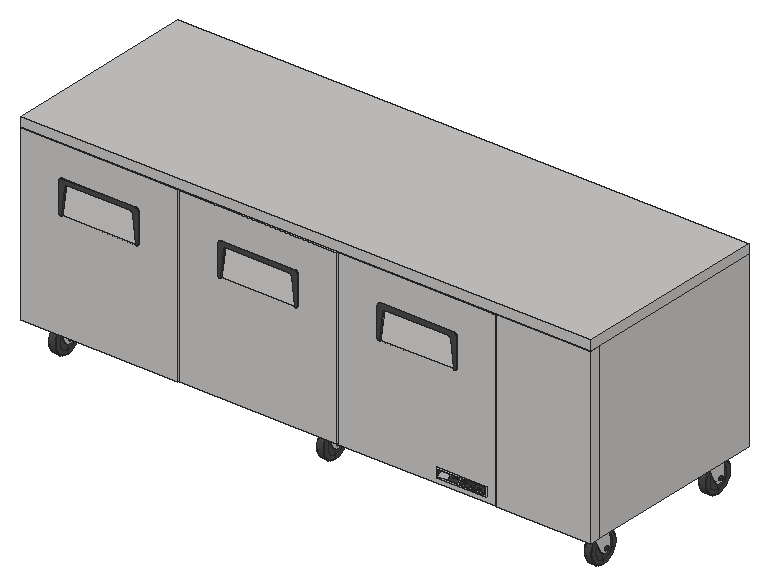
Revit family "QF_TRUE_TUC-93-HC", category Specialty Equipment, Revit 2016
Family settings
  Part Type = Normal
  Round Connector Dimension = Use Diameter
  Work Plane-Based = No
  Always vertical = Yes
  Cut with Voids When Loaded = No
  Shared = Yes
  Room Calculation Point = No
Parameters
  Weight in Pounds = 510
  Watts = FL Amps * Volts  # 253 W
  Volts = 115 V
  URL Manufacturer = "www.truemfg.com"
  URL Cutsheet = "www.truemfg.com"
  URL = "www.truemfg.com"
  Type Mark [instance] = ""
  Status [instance] = ""
  Specification by User [instance] = ""
  Specification by Manufacturer = ""
  Show Seismic Flanged [instance] = no
  Show Logo [instance] = yes
  Show Legs [instance] = no
  Show Clearance [instance] = yes
  Show Casters [instance] = and(not(Show Seismic Flanged), not(Show 2.5 Inches Castors), not(Show Legs))  # yes
  Show 2.5 Inches Castors [instance] = no
  Serial Number = ""
  Seismic Rating = ""
  Seismic Plate [instance] = and(Show Seismic Flanged, not(Show Casters))  # no
  SMACNA No = ""
  Revision Code [instance] = ""
  Phase = 1
  Omniclass Number and Title = ""
  Number of Poles [instance] = 1
  NAFEM Spec ID Number = ""
  Model = "TUC-93-HC"
  Min Ckt Ampacity = 0 A
  Max Overcurrent Protection = 0 A
  MasterSpec. = ""
  Manufacturer = "TRUE"
  Length = 93 1/4"
  Legs [instance] = or(Show Legs, Show Seismic Flanged)  # no
  Item Number [instance] = ""
  Installed By [instance] = ""
  Identify Quantity as Lot [instance] = yes
  Height [instance] = 35 15/16"
  HP = "1/5"
  Furnished By [instance] = ""
  Foodservice Equipment Identifier [instance] = yes
  FL Amps = 2.2 A
  Electrical Remarks [instance] = ""
  Electric Connection Type [instance] = ""
  Elec Conn RI Height [instance] = 0"
  Elec Conn Connection Height [instance] = 0"
  Description = "SOLID DOOR REFRIGERATOR WITH HYDRO CARBON REFRIGERANT"
  Depth = 32 3/16"
  Cycle = 60 Hz
  Conn Plug = "NEMA 5-15P"
  Conn Conduit = yes
  CSI MasterFormat = ""
  CSI Master Format = ""
  Body Finish = QF_Metal-Stainless-Polished
  Base Height [instance] = if(Show 2.5 Inches Castors, 4 1/4", if(Show Casters, 6 3/16", if(Legs, 6", 4 1/4")))  # 6 3/16"
  Apparent Power = if(Phase = 3, Volts * FL Amps * 1.73, Volts * FL Amps)  # 253 VA
Reference planes (in)
  plane 1 "BACK": y = -16.5
  plane 2: z = 0
  plane 3 "LEFT": x = 0
  plane 4 "RIGHT": x = 93.25
  plane 5 "FRONT": y = -49.6875
  plane 6 "TOP": z = 35.9375
  plane 7: z = 6.1875
  plane 8: x = 2.84375
  plane 9: x = 46.625
  plane 10: x = 90.40625
  plane 11: y = -17.5
  plane 12: y = -45.12781
  plane 13: y = -51.5
Lines and regions (in)
  symbolic lines, style "SpecialityEquipmentHiddenLines", visible <- "Show Casters"
    curve 1: line (1.05276, -22.68104, 0) -> (2.13882, -23.30808, 0)
    curve 2: line (3.55276, -18.35092, 0) -> (1.05276, -22.68104, 0)
    curve 3: line (4.63882, -18.97795, 0) -> (3.55276, -18.35092, 0)
    curve 4: line (2.13882, -23.30808, 0) -> (4.63882, -18.97795, 0)
    curve 5: line (44.83401, -22.68104, 0) -> (45.92007, -23.30808, 0)
    curve 6: line (47.33401, -18.35092, 0) -> (44.83401, -22.68104, 0)
    curve 7: line (48.42007, -18.97795, 0) -> (47.33401, -18.35092, 0)
    curve 8: line (45.92007, -23.30808, 0) -> (48.42007, -18.97795, 0)
    curve 9: line (88.61526, -22.68104, 0) -> (89.70132, -23.30808, 0)
    curve 10: line (91.11526, -18.35092, 0) -> (88.61526, -22.68104, 0)
    curve 11: line (92.20132, -18.97795, 0) -> (91.11526, -18.35092, 0)
    curve 12: line (89.70132, -23.30808, 0) -> (92.20132, -18.97795, 0)
    curve 13: line (1.05276, -46.07521, 0) -> (2.13882, -46.70225, 0)
    curve 14: line (3.55276, -41.74508, 0) -> (1.05276, -46.07521, 0)
    curve 15: line (4.63882, -42.37212, 0) -> (3.55276, -41.74508, 0)
    curve 16: line (2.13882, -46.70225, 0) -> (4.63882, -42.37212, 0)
    curve 17: line (44.83401, -46.07521, 0) -> (45.92007, -46.70225, 0)
    curve 18: line (47.33401, -41.74508, 0) -> (44.83401, -46.07521, 0)
    curve 19: line (48.42007, -42.37212, 0) -> (47.33401, -41.74508, 0)
    curve 20: line (45.92007, -46.70225, 0) -> (48.42007, -42.37212, 0)
    curve 21: line (88.61526, -46.07521, 0) -> (89.70132, -46.70225, 0)
    curve 22: line (91.11526, -41.74508, 0) -> (88.61526, -46.07521, 0)
    curve 23: line (92.20132, -42.37212, 0) -> (91.11526, -41.74508, 0)
    curve 24: line (89.70132, -46.70225, 0) -> (92.20132, -42.37212, 0)
Dimensions and locks (in)
  plane 5 "FRONT" to plane 1 "BACK" = 33 3/16"  (x2)
  "Base Height": plane 7 to level
  "Height": plane 6 "TOP" to level
  plane 4 "RIGHT" to plane 3 "LEFT" = 93 1/4"
  plane 5 "FRONT" to nested 1 to plane 1 "BACK" = 32 3/16", 1"
  nested 1 to nested 1 = 25 1/8"
  nested 1 to plane 1 "BACK" = 58 3/8"
  plane 7 to level = 6 3/16"
  plane 6 "TOP" to plane 7 = 29 3/4"
  plane 5 "FRONT" to plane 13 = 1 13/16"
  "Depth": plane 5 "FRONT" to plane 11
  "Length": plane 3 "LEFT" to plane 4 "RIGHT"
  aligned and locked: level to plane 2
  aligned and locked: plane 1 "BACK" to nested 1
  aligned and locked: plane 3 "LEFT" to nested 1
  aligned and locked: plane 4 "RIGHT" to nested 1
  aligned and locked: nested 1 to plane 7
Automatic sketch dimensions
  plane 3 "LEFT" to curve 1 = 1.05276"
  plane 3 "LEFT" to curve 14 = 1.05276"
  curve 1 to curve 1 = 1.08606"
  curve 14 to curve 13 = 1.08606"
  plane 3 "LEFT" to curve 3 = 3.55276"
  plane 3 "LEFT" to curve 14 = 3.55276"
  curve 17 to plane 5 "FRONT" = 3.61229"
  curve 16 to curve 17 = 40.19519"
  plane 1 "BACK" to curve 5 = 6.18104"
  curve 5 to curve 17 = 0"
  curve 20 to plane 5 "FRONT" = 2.98525"
  curve 18 to curve 20 = 1.08606"
  plane 1 "BACK" to curve 8 = 6.80808"
  curve 5 to curve 8 = 1.08606"
  plane 1 "BACK" to curve 6 = 1.85092"
  curve 19 to plane 5 "FRONT" = 7.94242"
  curve 22 to plane 4 "RIGHT" = 4.63474"
  curve 10 to plane 4 "RIGHT" = 4.63474"
  curve 22 to curve 21 = 1.08606"
  curve 9 to curve 12 = 1.08606"
  curve 22 to plane 4 "RIGHT" = 2.13474"
  curve 11 to plane 4 "RIGHT" = 2.13474"
  curve 24 to plane 5 "FRONT" = 2.98525"
  curve 13 to plane 5 "FRONT" = 2.98525"
  curve 13 to curve 14 = 0.62704"
  curve 21 to curve 21 = 0.62704"
  plane 1 "BACK" to curve 9 = 6.80808"
  plane 1 "BACK" to curve 4 = 6.80808"
  curve 9 to curve 9 = 0.62704"
  curve 1 to curve 2 = 0.62704"
Nested families (in)
  nested 1: "TUC-93-HC" at (0, 0, -0.0625), Show Logo <- "Show Logo", Show Clearance <- "Show Clearance", Show Casters <- "Show Casters", type "TUC-93-HC"
    with Show Logo yes, Show Clearance yes, Show Casters yes
  nested 2: "CASTERS & LEGS" at (2.84375, -21.74082, 0), Legs <- "Legs", Seismic Plate <- "Seismic Plate", Show 4" Casters <- "Show 2.5 Inches Castors", type "CASTERS & LEGS"
    with Type Mark "", Status "", Specification by User "", Show 4" Casters no, Show 2 1/2" Casters yes, Seismic Plate no, Revision Code "", Legs no, Item Number "", Installed By "", Identify Quantity as Lot yes, Furnished By "", Foodservice Equipment Identifier yes
  nested 3: "CASTERS & LEGS" at (2.84375, -45.12781, 0), Legs <- "Legs", Seismic Plate <- "Seismic Plate", Show 4" Casters <- "Show 2.5 Inches Castors", type "CASTERS & LEGS"
    with Type Mark "", Status "", Specification by User "", Show 4" Casters no, Show 2 1/2" Casters yes, Seismic Plate no, Revision Code "", Legs no, Item Number "", Installed By "", Identify Quantity as Lot yes, Furnished By "", Foodservice Equipment Identifier yes
  nested 4: "CASTERS & LEGS" at (46.625, -21.74082, 0), Legs <- "Legs", Seismic Plate <- "Seismic Plate", Show 4" Casters <- "Show 2.5 Inches Castors", type "CASTERS & LEGS"
    with Type Mark "", Status "", Specification by User "", Show 4" Casters no, Show 2 1/2" Casters yes, Seismic Plate no, Revision Code "", Legs no, Item Number "", Installed By "", Identify Quantity as Lot yes, Furnished By "", Foodservice Equipment Identifier yes
  nested 5: "CASTERS & LEGS" at (46.625, -45.12781, 0), Legs <- "Legs", Seismic Plate <- "Seismic Plate", Show 4" Casters <- "Show 2.5 Inches Castors", type "CASTERS & LEGS"
    with Type Mark "", Status "", Specification by User "", Show 4" Casters no, Show 2 1/2" Casters yes, Seismic Plate no, Revision Code "", Legs no, Item Number "", Installed By "", Identify Quantity as Lot yes, Furnished By "", Foodservice Equipment Identifier yes
  nested 6: "CASTERS & LEGS" at (90.40625, -21.74082, 0), Legs <- "Legs", Seismic Plate <- "Seismic Plate", Show 4" Casters <- "Show 2.5 Inches Castors", type "CASTERS & LEGS"
    with Type Mark "", Status "", Specification by User "", Show 4" Casters no, Show 2 1/2" Casters yes, Seismic Plate no, Revision Code "", Legs no, Item Number "", Installed By "", Identify Quantity as Lot yes, Furnished By "", Foodservice Equipment Identifier yes
  nested 7: "CASTERS & LEGS" at (90.40625, -45.12781, 0), Legs <- "Legs", Seismic Plate <- "Seismic Plate", Show 4" Casters <- "Show 2.5 Inches Castors", type "CASTERS & LEGS"
    with Type Mark "", Status "", Specification by User "", Show 4" Casters no, Show 2 1/2" Casters yes, Seismic Plate no, Revision Code "", Legs no, Item Number "", Installed By "", Identify Quantity as Lot yes, Furnished By "", Foodservice Equipment Identifier yes
Connectors (in)
  electrical at (89.81571, -17.5625, 11.9375), driven by "Volts", driven by "Watts"
    settings: on nested 1, index 1, voltage 115 V, apparent load 253 VA, apparent load phase1 0 VA, apparent load phase2 0 VA, apparent load phase3 0 VA, power factor 1, load classification "Other", number of poles 1, system type 30, power factor state 1, is connector primary yes, connector utility no, sub classification motor no, connector description "ELECTRICAL CONNECTION"
Definition of nested family "TUC-93-HC"
  Parameters (values of type "True_TUC-93")
    URL = ""
    Show Logo [instance] = yes
    Show Clearance [instance] = yes
    Show Casters [instance] = yes
    Model = ""
    Manufacturer = ""
    Description = ""
    Assembly Code = ""
  Reference planes (in)
    plane 1 "BACK": y = -16.5
    plane 2: z = 0
    plane 3 "LEFT": x = 0
    plane 4 "RIGHT": x = 93.25
    plane 5 "FRONT": y = -49.75
    plane 6 "TOP": z = 36
    plane 7: y = -74.875
    plane 8: z = 6.25
    plane 9: y = -51.5
    plane 10: z = 29.38
    plane 11: z = 23.90093
    plane 12: x = 68.0875
    plane 13: x = 12.875
    plane 14: x = 38.875
    plane 15: x = 64.875
    plane 16: z = 29.38
    plane 17: z = 23.90093
    plane 18: z = 29.38
    plane 19: z = 23.90093
    plane 20: y = -17.5
    plane 21: y = -49.6875
  Forms (in)
    Extrusion 1, solid
      sketch origin (0, -1, 0) x (0, 1, 0) y (0, 0, 1)
        loop
          line (-48.6875, 36) -> (-48.6875, 34.5) -> (-16.5, 34.5) -> (-16.5, 36) -> (-48.6875, 36)
      from 0 to 93.25
    Extrusion 2, solid
      sketch origin (0, -1, 0) x (0, 1, 0) y (0, 0, 1)
        loop
          line (-46.8125, 34.5) -> (-46.8125, 6.25) -> (-16.5, 6.25) -> (-16.5, 34.5) -> (-46.8125, 34.5)
      from 0 to 93.25
    Extrusion 3, solid
      sketch origin (0, -16.6925, 0) x (1, 0, 0) y (0, 0, 1)
        loop
          line (25.75, 6.25) -> (25.75, 34.28323) -> (0, 34.28323) -> (0, 6.25) -> (25.75, 6.25)
        loop
          line (93.25, 6.25) -> (93.25, 34.28323) -> (77.9375, 34.28323) -> (77.9375, 6.25) -> (93.25, 6.25)
        loop
          line (51.75, 6.25) -> (51.75, 34.28323) -> (26, 34.28323) -> (26, 6.25) -> (51.75, 6.25)
        loop
          line (52, 34.28323) -> (52, 6.25) -> (77.75, 6.25) -> (77.75, 34.28323) -> (52, 34.28323)
      from 31.44201 to 33
    Extrusion 4, solid
      sketch origin (1.125, -0.4425, 0) x (0, 1, 0) y (0, 0, 1)
        loop
          line (-47.69201, 33.8406) -> (-47.69201, 6.6875) -> (-47.37, 6.6875) -> (-47.37, 33.8406) -> (-47.69201, 33.8406)
      from -0.625 to 24.125
    Extrusion 5, solid
      sketch origin (64.6875, -16.5, 0) x (1, 0, 0) y (0, 0, 1)
        loop
          line (7.5625, 6.25) -> (7.5625, 3.5625) -> (20.3125, 3.5625) -> (20.3125, 6.25) -> (7.5625, 6.25)
      from 1.69409 to 21.69409
    Extrusion 6, solid
      sketch origin (64.57454, -16.5, -9.83802) x (1, 0, 0) y (0, 0, 1)
        loop
          circle (22.96499, 40.7598) r 0.46875
      from 0 to 1
    Extrusion 7, solid
      sketch origin (28.67546, -16.5, -9.83802) x (-1, 0, 0) y (0, 0, -1)
        loop
          circle (22.96499, -40.7598) r 0.46875
      from 0 to 1
    Extrusion 8, solid
      sketch origin (64.52196, -17.5, 0) x (1, 0, 0) y (0, 0, 1)
        loop
          circle (25.29375, 12) r 0.25
      from 0 to 0.0625
    Extrusion 9, solid, visible <- "Show Casters"
      sketch origin (0.84375, -42.86469, 1.18891) x (0, 1, 0) y (0, 0, 1)
        loop
          line (-3.9827, 4.36074) -> (-3.9827, 3.75589) -> (-3.6077, 3.75589) -> (-2.25253, 1.15484)
          arc (-2.25253, 1.15484) -> (-1.35455, 0.51289) -> (-0.45657, 1.15484) r 0.94903
          line (-0.45657, 1.15484) -> (-0.54355, 4.36074) -> (-3.9827, 4.36074)
      from 1.175 to 1.325
    Revolve 10, solid, visible <- "Show Casters"
      sketch origin (0.84375, -45.12781, 0.68891) x (1, 0, 0) y (0, 0, 1)
        loop
          line (2, 4.86074) -> (2, 5.56109) -> (0.60918, 5.56109) -> (0.60918, 4.86074) -> (2, 4.86074)
        axis (2, 4.86074) -> (2, 5.56109)
      angle from 0 to 360
    Extrusion 11, solid, visible <- "Show Casters"
      sketch origin (-46.9375, -42.86469, 1.18891) x (0, 1, 0) y (0, 0, 1)
        loop
          line (-3.9827, 4.36074) -> (-3.9827, 3.75589) -> (-3.6077, 3.75589) -> (-0.53736, 4.13288) -> (-0.54355, 4.36074) -> (-3.9827, 4.36074)
      from 49.10625 to 50.45625
    Revolve 12, solid, visible <- "Show Casters"
      sketch origin (0.84375, -44.21649, 1) x (1, 0, 0) y (0, 0, 1)
        loop
          line (1.475, 4) -> (1.375, 3.9) -> (1.375, 3.29941) -> (1.53601, 3.29941) -> (1.53601, 2.04941) -> (1.375, 2.04941) -> (1.375, 1.79941) -> (0.975, 1.79941) -> (0.975, 1.5) -> (3.025, 1.5) -> (3.025, 1.79941) -> (2.62908, 1.79941) -> (2.62908, 2.04941) -> (2.46399, 2.04941) -> (2.46399, 3.29941) -> (2.62908, 3.29941) -> (2.62908, 3.89592) -> (2.525, 4) -> (1.475, 4)
        axis (3.025, 1.5) -> (0.975, 1.5)
      angle from 0 to 360
    Extrusion 13, solid, visible <- "Show Casters"
      sketch origin (4.84375, -42.86469, 1.18891) x (0, 1, 0) y (0, 0, -1)
        loop
          line (-3.9827, -3.75589) -> (-3.9827, -4.36074) -> (-0.54355, -4.36074) -> (-0.45657, -1.15484)
          arc (-0.45657, -1.15484) -> (-1.35455, -0.51289) -> (-2.25253, -1.15484) r 0.94903
          line (-2.25253, -1.15484) -> (-3.6077, -3.75589) -> (-3.9827, -3.75589)
      from 1.175 to 1.325
    Extrusion 14, solid, visible <- "Show Casters"
      sketch origin (0.84375, -19.47769, 1.18891) x (0, 1, 0) y (0, 0, 1)
        loop
          line (-3.9827, 4.36074) -> (-3.9827, 3.75589) -> (-3.6077, 3.75589) -> (-2.25253, 1.15484)
          arc (-2.25253, 1.15484) -> (-1.35455, 0.51289) -> (-0.45657, 1.15484) r 0.94903
          line (-0.45657, 1.15484) -> (-0.54355, 4.36074) -> (-3.9827, 4.36074)
      from 1.175 to 1.325
    Revolve 15, solid, visible <- "Show Casters"
      sketch origin (0.84375, -21.74082, 0.68891) x (1, 0, 0) y (0, 0, 1)
        loop
          line (2, 4.86074) -> (2, 5.56109) -> (0.60918, 5.56109) -> (0.60918, 4.86074) -> (2, 4.86074)
        axis (2, 4.86074) -> (2, 5.56109)
      angle from 0 to 360
    Extrusion 16, solid, visible <- "Show Casters"
      sketch origin (-46.9375, -19.47769, 1.18891) x (0, 1, 0) y (0, 0, 1)
        loop
          line (-3.9827, 4.36074) -> (-3.9827, 3.75589) -> (-3.6077, 3.75589) -> (-0.53736, 4.13288) -> (-0.54355, 4.36074) -> (-3.9827, 4.36074)
      from 49.10625 to 50.45625
    Revolve 17, solid, visible <- "Show Casters"
      sketch origin (0.84375, -20.8295, 1) x (1, 0, 0) y (0, 0, 1)
        loop
          line (1.475, 4) -> (1.375, 3.9) -> (1.375, 3.29941) -> (1.53601, 3.29941) -> (1.53601, 2.04941) -> (1.375, 2.04941) -> (1.375, 1.79941) -> (0.975, 1.79941) -> (0.975, 1.5) -> (3.025, 1.5) -> (3.025, 1.79941) -> (2.62908, 1.79941) -> (2.62908, 2.04941) -> (2.46399, 2.04941) -> (2.46399, 3.29941) -> (2.62908, 3.29941) -> (2.62908, 3.89592) -> (2.525, 4) -> (1.475, 4)
        axis (3.025, 1.5) -> (0.975, 1.5)
      angle from 0 to 360
    Extrusion 18, solid, visible <- "Show Casters"
      sketch origin (4.84375, -19.47769, 1.18891) x (0, 1, 0) y (0, 0, -1)
        loop
          line (-3.9827, -3.75589) -> (-3.9827, -4.36074) -> (-0.54355, -4.36074) -> (-0.45657, -1.15484)
          arc (-0.45657, -1.15484) -> (-1.35455, -0.51289) -> (-2.25253, -1.15484) r 0.94903
          line (-2.25253, -1.15484) -> (-3.6077, -3.75589) -> (-3.9827, -3.75589)
      from 1.175 to 1.325
    Extrusion 19, solid, visible <- "Show Casters"
      sketch origin (92.40625, -42.86469, 1.18891) x (0, 1, 0) y (0, 0, -1)
        loop
          line (-3.9827, -4.36074) -> (-0.54355, -4.36074) -> (-0.45657, -1.15484)
          arc (-0.45657, -1.15484) -> (-1.35455, -0.51289) -> (-2.25253, -1.15484) r 0.94903
          line (-2.25253, -1.15484) -> (-3.6077, -3.75589) -> (-3.9827, -3.75589) -> (-3.9827, -4.36074)
      from 1.175 to 1.325
    Revolve 20, solid, visible <- "Show Casters"
      sketch origin (92.40625, -45.12781, 0.68891) x (-1, 0, 0) y (0, 0, -1)
        loop
          line (2, -4.86074) -> (0.60918, -4.86074) -> (0.60918, -5.56109) -> (2, -5.56109) -> (2, -4.86074)
        axis (2, -4.86074) -> (2, -5.56109)
      angle from 0 to 360
    Extrusion 21, solid, visible <- "Show Casters"
      sketch origin (140.1875, -42.86469, 1.18891) x (0, 1, 0) y (0, 0, -1)
        loop
          line (-3.9827, -4.36074) -> (-0.54355, -4.36074) -> (-0.53736, -4.13288) -> (-3.6077, -3.75589) -> (-3.9827, -3.75589) -> (-3.9827, -4.36074)
      from 49.10625 to 50.45625
    Revolve 22, solid, visible <- "Show Casters"
      sketch origin (92.40625, -44.21649, 1) x (-1, 0, 0) y (0, 0, -1)
        loop
          line (1.475, -4) -> (2.525, -4) -> (2.62908, -3.89592) -> (2.62908, -3.29941) -> (2.46399, -3.29941) -> (2.46399, -2.04941) -> (2.62908, -2.04941) -> (2.62908, -1.79941) -> (3.025, -1.79941) -> (3.025, -1.5) -> (0.975, -1.5) -> (0.975, -1.79941) -> (1.375, -1.79941) -> (1.375, -2.04941) -> (1.53601, -2.04941) -> (1.53601, -3.29941) -> (1.375, -3.29941) -> (1.375, -3.9) -> (1.475, -4)
        axis (3.025, -1.5) -> (0.975, -1.5)
      angle from 0 to 360
    Extrusion 23, solid, visible <- "Show Casters"
      sketch origin (88.40625, -42.86469, 1.18891) x (0, 1, 0) y (0, 0, 1)
        loop
          line (-3.9827, 3.75589) -> (-3.6077, 3.75589) -> (-2.25253, 1.15484)
          arc (-2.25253, 1.15484) -> (-1.35455, 0.51289) -> (-0.45657, 1.15484) r 0.94903
          line (-0.45657, 1.15484) -> (-0.54355, 4.36074) -> (-3.9827, 4.36074) -> (-3.9827, 3.75589)
      from 1.175 to 1.325
    Extrusion 24, solid, visible <- "Show Casters"
      sketch origin (92.40625, -19.47769, 1.18891) x (0, 1, 0) y (0, 0, -1)
        loop
          line (-3.9827, -4.36074) -> (-0.54355, -4.36074) -> (-0.45657, -1.15484)
          arc (-0.45657, -1.15484) -> (-1.35455, -0.51289) -> (-2.25253, -1.15484) r 0.94903
          line (-2.25253, -1.15484) -> (-3.6077, -3.75589) -> (-3.9827, -3.75589) -> (-3.9827, -4.36074)
      from 1.175 to 1.325
    Revolve 25, solid, visible <- "Show Casters"
      sketch origin (92.40625, -21.74082, 0.68891) x (-1, 0, 0) y (0, 0, -1)
        loop
          line (2, -4.86074) -> (0.60918, -4.86074) -> (0.60918, -5.56109) -> (2, -5.56109) -> (2, -4.86074)
        axis (2, -4.86074) -> (2, -5.56109)
      angle from 0 to 360
    Extrusion 26, solid, visible <- "Show Casters"
      sketch origin (140.1875, -19.47769, 1.18891) x (0, 1, 0) y (0, 0, -1)
        loop
          line (-3.9827, -4.36074) -> (-0.54355, -4.36074) -> (-0.53736, -4.13288) -> (-3.6077, -3.75589) -> (-3.9827, -3.75589) -> (-3.9827, -4.36074)
      from 49.10625 to 50.45625
    Revolve 27, solid, visible <- "Show Casters"
      sketch origin (92.40625, -20.8295, 1) x (-1, 0, 0) y (0, 0, -1)
        loop
          line (1.475, -4) -> (2.525, -4) -> (2.62908, -3.89592) -> (2.62908, -3.29941) -> (2.46399, -3.29941) -> (2.46399, -2.04941) -> (2.62908, -2.04941) -> (2.62908, -1.79941) -> (3.025, -1.79941) -> (3.025, -1.5) -> (0.975, -1.5) -> (0.975, -1.79941) -> (1.375, -1.79941) -> (1.375, -2.04941) -> (1.53601, -2.04941) -> (1.53601, -3.29941) -> (1.375, -3.29941) -> (1.375, -3.9) -> (1.475, -4)
        axis (3.025, -1.5) -> (0.975, -1.5)
      angle from 0 to 360
    Extrusion 28, solid, visible <- "Show Casters"
      sketch origin (88.40625, -19.47769, 1.18891) x (0, 1, 0) y (0, 0, 1)
        loop
          line (-3.9827, 3.75589) -> (-3.6077, 3.75589) -> (-2.25253, 1.15484)
          arc (-2.25253, 1.15484) -> (-1.35455, 0.51289) -> (-0.45657, 1.15484) r 0.94903
          line (-0.45657, 1.15484) -> (-0.54355, 4.36074) -> (-3.9827, 4.36074) -> (-3.9827, 3.75589)
      from 1.175 to 1.325
    Extrusion 29, solid, visible <- "Show Casters"
      sketch origin (44.625, -42.86469, 1.18891) x (0, 1, 0) y (0, 0, 1)
        loop
          line (-3.9827, 4.36074) -> (-3.9827, 3.75589) -> (-3.6077, 3.75589) -> (-2.25253, 1.15484)
          arc (-2.25253, 1.15484) -> (-1.35455, 0.51289) -> (-0.45657, 1.15484) r 0.94903
          line (-0.45657, 1.15484) -> (-0.54355, 4.36074) -> (-3.9827, 4.36074)
      from 1.175 to 1.325
    Revolve 30, solid, visible <- "Show Casters"
      sketch origin (44.625, -45.12781, 0.68891) x (1, 0, 0) y (0, 0, 1)
        loop
          line (2, 4.86074) -> (2, 5.56109) -> (0.60918, 5.56109) -> (0.60918, 4.86074) -> (2, 4.86074)
        axis (2, 4.86074) -> (2, 5.56109)
      angle from 0 to 360
    Extrusion 31, solid, visible <- "Show Casters"
      sketch origin (-3.15625, -42.86469, 1.18891) x (0, 1, 0) y (0, 0, 1)
        loop
          line (-3.9827, 4.36074) -> (-3.9827, 3.75589) -> (-3.6077, 3.75589) -> (-0.53736, 4.13288) -> (-0.54355, 4.36074) -> (-3.9827, 4.36074)
      from 49.10625 to 50.45625
    Revolve 32, solid, visible <- "Show Casters"
      sketch origin (44.625, -44.21649, 1) x (1, 0, 0) y (0, 0, 1)
        loop
          line (1.475, 4) -> (1.375, 3.9) -> (1.375, 3.29941) -> (1.53601, 3.29941) -> (1.53601, 2.04941) -> (1.375, 2.04941) -> (1.375, 1.79941) -> (0.975, 1.79941) -> (0.975, 1.5) -> (3.025, 1.5) -> (3.025, 1.79941) -> (2.62908, 1.79941) -> (2.62908, 2.04941) -> (2.46399, 2.04941) -> (2.46399, 3.29941) -> (2.62908, 3.29941) -> (2.62908, 3.89592) -> (2.525, 4) -> (1.475, 4)
        axis (3.025, 1.5) -> (0.975, 1.5)
      angle from 0 to 360
    Extrusion 33, solid, visible <- "Show Casters"
      sketch origin (48.625, -42.86469, 1.18891) x (0, 1, 0) y (0, 0, -1)
        loop
          line (-3.9827, -3.75589) -> (-3.9827, -4.36074) -> (-0.54355, -4.36074) -> (-0.45657, -1.15484)
          arc (-0.45657, -1.15484) -> (-1.35455, -0.51289) -> (-2.25253, -1.15484) r 0.94903
          line (-2.25253, -1.15484) -> (-3.6077, -3.75589) -> (-3.9827, -3.75589)
      from 1.175 to 1.325
    Extrusion 34, solid, visible <- "Show Casters"
      sketch origin (44.625, -19.47769, 1.18891) x (0, 1, 0) y (0, 0, 1)
        loop
          line (-3.9827, 4.36074) -> (-3.9827, 3.75589) -> (-3.6077, 3.75589) -> (-2.25253, 1.15484)
          arc (-2.25253, 1.15484) -> (-1.35455, 0.51289) -> (-0.45657, 1.15484) r 0.94903
          line (-0.45657, 1.15484) -> (-0.54355, 4.36074) -> (-3.9827, 4.36074)
      from 1.175 to 1.325
    Revolve 35, solid, visible <- "Show Casters"
      sketch origin (44.625, -21.74082, 0.68891) x (1, 0, 0) y (0, 0, 1)
        loop
          line (2, 4.86074) -> (2, 5.56109) -> (0.60918, 5.56109) -> (0.60918, 4.86074) -> (2, 4.86074)
        axis (2, 4.86074) -> (2, 5.56109)
      angle from 0 to 360
    Extrusion 36, solid, visible <- "Show Casters"
      sketch origin (-3.15625, -19.47769, 1.18891) x (0, 1, 0) y (0, 0, 1)
        loop
          line (-3.9827, 4.36074) -> (-3.9827, 3.75589) -> (-3.6077, 3.75589) -> (-0.53736, 4.13288) -> (-0.54355, 4.36074) -> (-3.9827, 4.36074)
      from 49.10625 to 50.45625
    Revolve 37, solid, visible <- "Show Casters"
      sketch origin (44.625, -20.8295, 1) x (1, 0, 0) y (0, 0, 1)
        loop
          line (1.475, 4) -> (1.375, 3.9) -> (1.375, 3.29941) -> (1.53601, 3.29941) -> (1.53601, 2.04941) -> (1.375, 2.04941) -> (1.375, 1.79941) -> (0.975, 1.79941) -> (0.975, 1.5) -> (3.025, 1.5) -> (3.025, 1.79941) -> (2.62908, 1.79941) -> (2.62908, 2.04941) -> (2.46399, 2.04941) -> (2.46399, 3.29941) -> (2.62908, 3.29941) -> (2.62908, 3.89592) -> (2.525, 4) -> (1.475, 4)
        axis (3.025, 1.5) -> (0.975, 1.5)
      angle from 0 to 360
    Extrusion 38, solid, visible <- "Show Casters"
      sketch origin (48.625, -19.47769, 1.18891) x (0, 1, 0) y (0, 0, -1)
        loop
          line (-3.9827, -3.75589) -> (-3.9827, -4.36074) -> (-0.54355, -4.36074) -> (-0.45657, -1.15484)
          arc (-0.45657, -1.15484) -> (-1.35455, -0.51289) -> (-2.25253, -1.15484) r 0.94903
          line (-2.25253, -1.15484) -> (-3.6077, -3.75589) -> (-3.9827, -3.75589)
      from 1.175 to 1.325
    Extrusion 39, solid
      sketch origin (27.125, -0.4425, 0) x (0, 1, 0) y (0, 0, 1)
        loop
          line (-47.69201, 33.8406) -> (-47.69201, 6.6875) -> (-47.37, 6.6875) -> (-47.37, 33.8406) -> (-47.69201, 33.8406)
      from -0.625 to 24.125
    Extrusion 40, solid
      sketch origin (53.125, -0.4425, 0) x (0, 1, 0) y (0, 0, 1)
        loop
          line (-47.69201, 33.8406) -> (-47.69201, 6.6875) -> (-47.37, 6.6875) -> (-47.37, 33.8406) -> (-47.69201, 33.8406)
      from -0.625 to 24.125
    Extrusion 41, solid, visible <- "Show Clearance", detail levels coarse
      sketch origin (17.8682, -41.04389, 0) x (-1, 0, 0) y (0, -1, 0)
        loop
          line (-59.8818, 8.64861) -> (-34.1318, 8.64861)
          arc (-34.1318, 8.64861) -> (-41.48718, 26.8827) -> (-59.8818, 33.82685) r 24.48262
          line (-59.8818, 33.82685) -> (-59.8818, 8.64861)
        loop
          line (17.8682, 8.64861) -> (17.8682, 33.83111)
          arc (17.8682, 33.83111) -> (-0.30464, 26.65709) -> (-7.8818, 8.64861) r 25.18875
          line (-7.8818, 8.64861) -> (17.8682, 8.64861)
        loop
          arc (-8.1318, 33.83004) -> (-26.44933, 26.80474) -> (-33.8818, 8.64861) r 24.72204
          line (-33.8818, 8.64861) -> (-8.1318, 8.64861) -> (-8.1318, 33.83004)
      from 6.25 to 34.28323
    Extrusion 42, void
      sketch origin (12.875, -17.09959, 49.75) x (0, -1, 0) y (0, 0, 1)
        loop
          line (32.59291, -20.37) -> (31.52391, -20.37) -> (32.59291, -25.84907) -> (32.59291, -20.37)
      from -6 to 6
    Extrusion 43, solid
      sketch origin (0.875, -49.6925, 1.75) x (1, 0, 0) y (0, 0, 1)
        loop
          line (5.52833, 27.13) -> (5.52833, 22.36054)
          arc (5.52833, 22.36054) -> (5.74774, 22.11831) -> (6.01044, 22.31274) r 0.24342
          line (6.01044, 22.31274) -> (6.44945, 26.42717)
          arc (6.44945, 26.42717) -> (6.61215, 26.74648) -> (6.94671, 26.87491) r 0.5
          line (6.94671, 26.87491) -> (17.05329, 26.87491)
          arc (17.05329, 26.87491) -> (17.38785, 26.74648) -> (17.55055, 26.42717) r 0.5
          line (17.55055, 26.42717) -> (17.98956, 22.31274)
          arc (17.98956, 22.31274) -> (18.25226, 22.11831) -> (18.47166, 22.36054) r 0.24342
          line (18.47166, 22.36054) -> (18.47166, 27.13)
          arc (18.47166, 27.13) -> (18.32522, 27.48356) -> (17.97166, 27.63) r 0.5
          line (17.97166, 27.63) -> (6.02833, 27.63)
          arc (6.02833, 27.63) -> (5.67478, 27.48356) -> (5.52833, 27.13) r 0.5
      from 0 to 0.0625
    Extrusion 44, void
      sketch origin (38.875, -17.09959, 49.75) x (0, -1, 0) y (0, 0, 1)
        loop
          line (32.59291, -20.37) -> (31.52391, -20.37) -> (32.59291, -25.84907) -> (32.59291, -20.37)
      from -6 to 6
    Extrusion 45, solid
      sketch origin (26.875, -49.6925, 1.75) x (1, 0, 0) y (0, 0, 1)
        loop
          line (5.52833, 27.13) -> (5.52833, 22.36054)
          arc (5.52833, 22.36054) -> (5.74774, 22.11831) -> (6.01044, 22.31274) r 0.24342
          line (6.01044, 22.31274) -> (6.44945, 26.42717)
          arc (6.44945, 26.42717) -> (6.61215, 26.74648) -> (6.94671, 26.87491) r 0.5
          line (6.94671, 26.87491) -> (17.05329, 26.87491)
          arc (17.05329, 26.87491) -> (17.38785, 26.74648) -> (17.55055, 26.42717) r 0.5
          line (17.55055, 26.42717) -> (17.98956, 22.31274)
          arc (17.98956, 22.31274) -> (18.25226, 22.11831) -> (18.47166, 22.36054) r 0.24342
          line (18.47166, 22.36054) -> (18.47166, 27.13)
          arc (18.47166, 27.13) -> (18.32522, 27.48356) -> (17.97166, 27.63) r 0.5
          line (17.97166, 27.63) -> (6.02833, 27.63)
          arc (6.02833, 27.63) -> (5.67478, 27.48356) -> (5.52833, 27.13) r 0.5
      from 0 to 0.0625
    Extrusion 46, void
      sketch origin (64.875, -17.09959, 49.75) x (0, -1, 0) y (0, 0, 1)
        loop
          line (32.59291, -20.37) -> (31.52391, -20.37) -> (32.59291, -25.84907) -> (32.59291, -20.37)
      from -6 to 6
    Extrusion 47, solid
      sketch origin (52.875, -49.6925, 1.75) x (1, 0, 0) y (0, 0, 1)
        loop
          line (5.52833, 27.13) -> (5.52833, 22.36054)
          arc (5.52833, 22.36054) -> (5.74774, 22.11831) -> (6.01044, 22.31274) r 0.24342
          line (6.01044, 22.31274) -> (6.44945, 26.42717)
          arc (6.44945, 26.42717) -> (6.61215, 26.74648) -> (6.94671, 26.87491) r 0.5
          line (6.94671, 26.87491) -> (17.05329, 26.87491)
          arc (17.05329, 26.87491) -> (17.38785, 26.74648) -> (17.55055, 26.42717) r 0.5
          line (17.55055, 26.42717) -> (17.98956, 22.31274)
          arc (17.98956, 22.31274) -> (18.25226, 22.11831) -> (18.47166, 22.36054) r 0.24342
          line (18.47166, 22.36054) -> (18.47166, 27.13)
          arc (18.47166, 27.13) -> (18.32522, 27.48356) -> (17.97166, 27.63) r 0.5
          line (17.97166, 27.63) -> (6.02833, 27.63)
          arc (6.02833, 27.63) -> (5.67478, 27.48356) -> (5.52833, 27.13) r 0.5
      from 0 to 0.0625
  Cuts and joins
    Extrusion 44, Extrusion 46 cuts Extrusion 2
    Extrusion 42, Extrusion 44, Extrusion 46 cuts Extrusion 3
  Lines and regions (in)
    Split face 1
      outline origin (0, -49.6925, 0) x (1, 0, 0) y (0, 0, 1)
        loop
          line (82.07409, 14.47725) -> (82.07409, 13.72725) -> (82.82409, 13.72725) -> (82.82409, 14.47725) -> (82.07409, 14.47725)
    Split face 2
      outline origin (1.125, -49.6925, 0) x (1, 0, 0) y (0, 0, 1)
        loop
          line (82.07409, 14.47725) -> (82.07409, 13.72725) -> (82.82409, 13.72725) -> (82.82409, 14.47725) -> (82.07409, 14.47725)
    Split face 3
      outline origin (2.25, -49.6925, 0) x (1, 0, 0) y (0, 0, 1)
        loop
          line (82.07409, 14.47725) -> (82.07409, 13.72725) -> (82.82409, 13.72725) -> (82.82409, 14.47725) -> (82.07409, 14.47725)
    Split face 4
      outline origin (3.375, -49.6925, 0) x (1, 0, 0) y (0, 0, 1)
        loop
          line (82.07409, 14.47725) -> (82.07409, 13.72725) -> (82.82409, 13.72725) -> (82.82409, 14.47725) -> (82.07409, 14.47725)
    Split face 5
      outline origin (4.5, -49.6925, 0) x (1, 0, 0) y (0, 0, 1)
        loop
          line (82.07409, 14.47725) -> (82.07409, 13.72725) -> (82.82409, 13.72725) -> (82.82409, 14.47725) -> (82.07409, 14.47725)
    Split face 6
      outline origin (5.625, -49.6925, 0) x (1, 0, 0) y (0, 0, 1)
        loop
          line (82.07409, 14.47725) -> (82.07409, 13.72725) -> (82.82409, 13.72725) -> (82.82409, 14.47725) -> (82.07409, 14.47725)
    Split face 7
      outline origin (6.75, -49.6925, 0) x (1, 0, 0) y (0, 0, 1)
        loop
          line (82.07409, 14.47725) -> (82.07409, 13.72725) -> (82.82409, 13.72725) -> (82.82409, 14.47725) -> (82.07409, 14.47725)
    Split face 8
      outline origin (0, -49.6925, -1.5) x (1, 0, 0) y (0, 0, 1)
        loop
          line (82.07409, 14.47725) -> (82.07409, 13.72725) -> (82.82409, 13.72725) -> (82.82409, 14.47725) -> (82.07409, 14.47725)
    Split face 9
      outline origin (1.125, -49.6925, -1.5) x (1, 0, 0) y (0, 0, 1)
        loop
          line (82.07409, 14.47725) -> (82.07409, 13.72725) -> (82.82409, 13.72725) -> (82.82409, 14.47725) -> (82.07409, 14.47725)
    Split face 10
      outline origin (2.25, -49.6925, -1.5) x (1, 0, 0) y (0, 0, 1)
        loop
          line (82.07409, 14.47725) -> (82.07409, 13.72725) -> (82.82409, 13.72725) -> (82.82409, 14.47725) -> (82.07409, 14.47725)
    Split face 11
      outline origin (3.375, -49.6925, -1.5) x (1, 0, 0) y (0, 0, 1)
        loop
          line (82.07409, 14.47725) -> (82.07409, 13.72725) -> (82.82409, 13.72725) -> (82.82409, 14.47725) -> (82.07409, 14.47725)
    Split face 12
      outline origin (4.5, -49.6925, -1.5) x (1, 0, 0) y (0, 0, 1)
        loop
          line (82.07409, 14.47725) -> (82.07409, 13.72725) -> (82.82409, 13.72725) -> (82.82409, 14.47725) -> (82.07409, 14.47725)
    Split face 13
      outline origin (5.625, -49.6925, -1.5) x (1, 0, 0) y (0, 0, 1)
        loop
          line (82.07409, 14.47725) -> (82.07409, 13.72725) -> (82.82409, 13.72725) -> (82.82409, 14.47725) -> (82.07409, 14.47725)
    Split face 14
      outline origin (6.75, -49.6925, -1.5) x (1, 0, 0) y (0, 0, 1)
        loop
          line (82.07409, 14.47725) -> (82.07409, 13.72725) -> (82.82409, 13.72725) -> (82.82409, 14.47725) -> (82.07409, 14.47725)
    Split face 15
      outline origin (0, -49.6925, -3) x (1, 0, 0) y (0, 0, 1)
        loop
          line (82.07409, 14.47725) -> (82.07409, 13.72725) -> (82.82409, 13.72725) -> (82.82409, 14.47725) -> (82.07409, 14.47725)
    Split face 16
      outline origin (1.125, -49.6925, -3) x (1, 0, 0) y (0, 0, 1)
        loop
          line (82.07409, 14.47725) -> (82.07409, 13.72725) -> (82.82409, 13.72725) -> (82.82409, 14.47725) -> (82.07409, 14.47725)
    Split face 17
      outline origin (2.25, -49.6925, -3) x (1, 0, 0) y (0, 0, 1)
        loop
          line (82.07409, 14.47725) -> (82.07409, 13.72725) -> (82.82409, 13.72725) -> (82.82409, 14.47725) -> (82.07409, 14.47725)
    Split face 18
      outline origin (3.375, -49.6925, -3) x (1, 0, 0) y (0, 0, 1)
        loop
          line (82.07409, 14.47725) -> (82.07409, 13.72725) -> (82.82409, 13.72725) -> (82.82409, 14.47725) -> (82.07409, 14.47725)
    Split face 19
      outline origin (4.5, -49.6925, -3) x (1, 0, 0) y (0, 0, 1)
        loop
          line (82.07409, 14.47725) -> (82.07409, 13.72725) -> (82.82409, 13.72725) -> (82.82409, 14.47725) -> (82.07409, 14.47725)
    Split face 20
      outline origin (5.625, -49.6925, -3) x (1, 0, 0) y (0, 0, 1)
        loop
          line (82.07409, 14.47725) -> (82.07409, 13.72725) -> (82.82409, 13.72725) -> (82.82409, 14.47725) -> (82.07409, 14.47725)
    Split face 21
      outline origin (6.75, -49.6925, -3) x (1, 0, 0) y (0, 0, 1)
        loop
          line (82.07409, 14.47725) -> (82.07409, 13.72725) -> (82.82409, 13.72725) -> (82.82409, 14.47725) -> (82.07409, 14.47725)
    Split face 22
      outline origin (0, -49.6925, -4.5) x (1, 0, 0) y (0, 0, 1)
        loop
          line (82.07409, 14.47725) -> (82.07409, 13.72725) -> (82.82409, 13.72725) -> (82.82409, 14.47725) -> (82.07409, 14.47725)
    Split face 23
      outline origin (1.125, -49.6925, -4.5) x (1, 0, 0) y (0, 0, 1)
        loop
          line (82.07409, 14.47725) -> (82.07409, 13.72725) -> (82.82409, 13.72725) -> (82.82409, 14.47725) -> (82.07409, 14.47725)
    Split face 24
      outline origin (2.25, -49.6925, -4.5) x (1, 0, 0) y (0, 0, 1)
        loop
          line (82.07409, 14.47725) -> (82.07409, 13.72725) -> (82.82409, 13.72725) -> (82.82409, 14.47725) -> (82.07409, 14.47725)
    Split face 25
      outline origin (3.375, -49.6925, -4.5) x (1, 0, 0) y (0, 0, 1)
        loop
          line (82.07409, 14.47725) -> (82.07409, 13.72725) -> (82.82409, 13.72725) -> (82.82409, 14.47725) -> (82.07409, 14.47725)
    Split face 26
      outline origin (4.5, -49.6925, -4.5) x (1, 0, 0) y (0, 0, 1)
        loop
          line (82.07409, 14.47725) -> (82.07409, 13.72725) -> (82.82409, 13.72725) -> (82.82409, 14.47725) -> (82.07409, 14.47725)
    Split face 27
      outline origin (5.625, -49.6925, -4.5) x (1, 0, 0) y (0, 0, 1)
        loop
          line (82.07409, 14.47725) -> (82.07409, 13.72725) -> (82.82409, 13.72725) -> (82.82409, 14.47725) -> (82.07409, 14.47725)
    Split face 28
      outline origin (6.75, -49.6925, -4.5) x (1, 0, 0) y (0, 0, 1)
        loop
          line (82.07409, 14.47725) -> (82.07409, 13.72725) -> (82.82409, 13.72725) -> (82.82409, 14.47725) -> (82.07409, 14.47725)
    Split face 29
      outline origin (0, -49.6925, -6) x (1, 0, 0) y (0, 0, 1)
        loop
          line (82.07409, 14.47725) -> (82.07409, 13.72725) -> (82.82409, 13.72725) -> (82.82409, 14.47725) -> (82.07409, 14.47725)
    Split face 30
      outline origin (1.125, -49.6925, -6) x (1, 0, 0) y (0, 0, 1)
        loop
          line (82.07409, 14.47725) -> (82.07409, 13.72725) -> (82.82409, 13.72725) -> (82.82409, 14.47725) -> (82.07409, 14.47725)
    Split face 31
      outline origin (2.25, -49.6925, -6) x (1, 0, 0) y (0, 0, 1)
        loop
          line (82.07409, 14.47725) -> (82.07409, 13.72725) -> (82.82409, 13.72725) -> (82.82409, 14.47725) -> (82.07409, 14.47725)
    Split face 32
      outline origin (3.375, -49.6925, -6) x (1, 0, 0) y (0, 0, 1)
        loop
          line (82.07409, 14.47725) -> (82.07409, 13.72725) -> (82.82409, 13.72725) -> (82.82409, 14.47725) -> (82.07409, 14.47725)
    Split face 33
      outline origin (4.5, -49.6925, -6) x (1, 0, 0) y (0, 0, 1)
        loop
          line (82.07409, 14.47725) -> (82.07409, 13.72725) -> (82.82409, 13.72725) -> (82.82409, 14.47725) -> (82.07409, 14.47725)
    Split face 34
      outline origin (5.625, -49.6925, -6) x (1, 0, 0) y (0, 0, 1)
        loop
          line (82.07409, 14.47725) -> (82.07409, 13.72725) -> (82.82409, 13.72725) -> (82.82409, 14.47725) -> (82.07409, 14.47725)
    Split face 35
      outline origin (6.75, -49.6925, -6) x (1, 0, 0) y (0, 0, 1)
        loop
          line (82.07409, 14.47725) -> (82.07409, 13.72725) -> (82.82409, 13.72725) -> (82.82409, 14.47725) -> (82.07409, 14.47725)
    Split face 36
      outline origin (7.875, -49.6925, 0) x (1, 0, 0) y (0, 0, 1)
        loop
          line (82.07409, 14.47725) -> (82.07409, 13.72725) -> (82.82409, 13.72725) -> (82.82409, 14.47725) -> (82.07409, 14.47725)
    Split face 37
      outline origin (9, -49.6925, 0) x (1, 0, 0) y (0, 0, 1)
        loop
          line (82.07409, 14.47725) -> (82.07409, 13.72725) -> (82.82409, 13.72725) -> (82.82409, 14.47725) -> (82.07409, 14.47725)
    Split face 38
      outline origin (7.875, -49.6925, -1.5) x (1, 0, 0) y (0, 0, 1)
        loop
          line (82.07409, 14.47725) -> (82.07409, 13.72725) -> (82.82409, 13.72725) -> (82.82409, 14.47725) -> (82.07409, 14.47725)
    Split face 39
      outline origin (9, -49.6925, -1.5) x (1, 0, 0) y (0, 0, 1)
        loop
          line (82.07409, 14.47725) -> (82.07409, 13.72725) -> (82.82409, 13.72725) -> (82.82409, 14.47725) -> (82.07409, 14.47725)
    Split face 40
      outline origin (7.875, -49.6925, -3) x (1, 0, 0) y (0, 0, 1)
        loop
          line (82.07409, 14.47725) -> (82.07409, 13.72725) -> (82.82409, 13.72725) -> (82.82409, 14.47725) -> (82.07409, 14.47725)
    Split face 41
      outline origin (9, -49.6925, -3) x (1, 0, 0) y (0, 0, 1)
        loop
          line (82.07409, 14.47725) -> (82.07409, 13.72725) -> (82.82409, 13.72725) -> (82.82409, 14.47725) -> (82.07409, 14.47725)
    Split face 42
      outline origin (7.875, -49.6925, -4.5) x (1, 0, 0) y (0, 0, 1)
        loop
          line (82.07409, 14.47725) -> (82.07409, 13.72725) -> (82.82409, 13.72725) -> (82.82409, 14.47725) -> (82.07409, 14.47725)
    Split face 43
      outline origin (9, -49.6925, -4.5) x (1, 0, 0) y (0, 0, 1)
        loop
          line (82.07409, 14.47725) -> (82.07409, 13.72725) -> (82.82409, 13.72725) -> (82.82409, 14.47725) -> (82.07409, 14.47725)
    Split face 44
      outline origin (7.875, -49.6925, -6) x (1, 0, 0) y (0, 0, 1)
        loop
          line (82.07409, 14.47725) -> (82.07409, 13.72725) -> (82.82409, 13.72725) -> (82.82409, 14.47725) -> (82.07409, 14.47725)
    Split face 45
      outline origin (9, -49.6925, -6) x (1, 0, 0) y (0, 0, 1)
        loop
          line (82.07409, 14.47725) -> (82.07409, 13.72725) -> (82.82409, 13.72725) -> (82.82409, 14.47725) -> (82.07409, 14.47725)
    Split face 46
      outline origin (-2.25, -49.6925, 0) x (1, 0, 0) y (0, 0, 1)
        loop
          line (82.07409, 14.47725) -> (82.07409, 13.72725) -> (82.82409, 13.72725) -> (82.82409, 14.47725) -> (82.07409, 14.47725)
    Split face 47
      outline origin (-1.125, -49.6925, 0) x (1, 0, 0) y (0, 0, 1)
        loop
          line (82.07409, 14.47725) -> (82.07409, 13.72725) -> (82.82409, 13.72725) -> (82.82409, 14.47725) -> (82.07409, 14.47725)
    Split face 48
      outline origin (-2.25, -49.6925, -1.5) x (1, 0, 0) y (0, 0, 1)
        loop
          line (82.07409, 14.47725) -> (82.07409, 13.72725) -> (82.82409, 13.72725) -> (82.82409, 14.47725) -> (82.07409, 14.47725)
    Split face 49
      outline origin (-1.125, -49.6925, -1.5) x (1, 0, 0) y (0, 0, 1)
        loop
          line (82.07409, 14.47725) -> (82.07409, 13.72725) -> (82.82409, 13.72725) -> (82.82409, 14.47725) -> (82.07409, 14.47725)
    Split face 50
      outline origin (-2.25, -49.6925, -3) x (1, 0, 0) y (0, 0, 1)
        loop
          line (82.07409, 14.47725) -> (82.07409, 13.72725) -> (82.82409, 13.72725) -> (82.82409, 14.47725) -> (82.07409, 14.47725)
    Split face 51
      outline origin (-1.125, -49.6925, -3) x (1, 0, 0) y (0, 0, 1)
        loop
          line (82.07409, 14.47725) -> (82.07409, 13.72725) -> (82.82409, 13.72725) -> (82.82409, 14.47725) -> (82.07409, 14.47725)
    Split face 52
      outline origin (-2.25, -49.6925, -4.5) x (1, 0, 0) y (0, 0, 1)
        loop
          line (82.07409, 14.47725) -> (82.07409, 13.72725) -> (82.82409, 13.72725) -> (82.82409, 14.47725) -> (82.07409, 14.47725)
    Split face 53
      outline origin (-1.125, -49.6925, -4.5) x (1, 0, 0) y (0, 0, 1)
        loop
          line (82.07409, 14.47725) -> (82.07409, 13.72725) -> (82.82409, 13.72725) -> (82.82409, 14.47725) -> (82.07409, 14.47725)
    Split face 54
      outline origin (-2.25, -49.6925, -6) x (1, 0, 0) y (0, 0, 1)
        loop
          line (82.07409, 14.47725) -> (82.07409, 13.72725) -> (82.82409, 13.72725) -> (82.82409, 14.47725) -> (82.07409, 14.47725)
    Split face 55
      outline origin (-1.125, -49.6925, -6) x (1, 0, 0) y (0, 0, 1)
        loop
          line (82.07409, 14.47725) -> (82.07409, 13.72725) -> (82.82409, 13.72725) -> (82.82409, 14.47725) -> (82.07409, 14.47725)
    Split face 56
      outline origin (0, -49.6925, 3) x (1, 0, 0) y (0, 0, 1)
        loop
          line (82.07409, 14.47725) -> (82.07409, 13.72725) -> (82.82409, 13.72725) -> (82.82409, 14.47725) -> (82.07409, 14.47725)
    Split face 57
      outline origin (1.125, -49.6925, 3) x (1, 0, 0) y (0, 0, 1)
        loop
          line (82.07409, 14.47725) -> (82.07409, 13.72725) -> (82.82409, 13.72725) -> (82.82409, 14.47725) -> (82.07409, 14.47725)
    Split face 58
      outline origin (2.25, -49.6925, 3) x (1, 0, 0) y (0, 0, 1)
        loop
          line (82.07409, 14.47725) -> (82.07409, 13.72725) -> (82.82409, 13.72725) -> (82.82409, 14.47725) -> (82.07409, 14.47725)
    Split face 59
      outline origin (3.375, -49.6925, 3) x (1, 0, 0) y (0, 0, 1)
        loop
          line (82.07409, 14.47725) -> (82.07409, 13.72725) -> (82.82409, 13.72725) -> (82.82409, 14.47725) -> (82.07409, 14.47725)
    Split face 60
      outline origin (4.5, -49.6925, 3) x (1, 0, 0) y (0, 0, 1)
        loop
          line (82.07409, 14.47725) -> (82.07409, 13.72725) -> (82.82409, 13.72725) -> (82.82409, 14.47725) -> (82.07409, 14.47725)
    Split face 61
      outline origin (5.625, -49.6925, 3) x (1, 0, 0) y (0, 0, 1)
        loop
          line (82.07409, 14.47725) -> (82.07409, 13.72725) -> (82.82409, 13.72725) -> (82.82409, 14.47725) -> (82.07409, 14.47725)
    Split face 62
      outline origin (6.75, -49.6925, 3) x (1, 0, 0) y (0, 0, 1)
        loop
          line (82.07409, 14.47725) -> (82.07409, 13.72725) -> (82.82409, 13.72725) -> (82.82409, 14.47725) -> (82.07409, 14.47725)
    Split face 63
      outline origin (0, -49.6925, 1.5) x (1, 0, 0) y (0, 0, 1)
        loop
          line (82.07409, 14.47725) -> (82.07409, 13.72725) -> (82.82409, 13.72725) -> (82.82409, 14.47725) -> (82.07409, 14.47725)
    Split face 64
      outline origin (1.125, -49.6925, 1.5) x (1, 0, 0) y (0, 0, 1)
        loop
          line (82.07409, 14.47725) -> (82.07409, 13.72725) -> (82.82409, 13.72725) -> (82.82409, 14.47725) -> (82.07409, 14.47725)
    Split face 65
      outline origin (2.25, -49.6925, 1.5) x (1, 0, 0) y (0, 0, 1)
        loop
          line (82.07409, 14.47725) -> (82.07409, 13.72725) -> (82.82409, 13.72725) -> (82.82409, 14.47725) -> (82.07409, 14.47725)
    Split face 66
      outline origin (3.375, -49.6925, 1.5) x (1, 0, 0) y (0, 0, 1)
        loop
          line (82.07409, 14.47725) -> (82.07409, 13.72725) -> (82.82409, 13.72725) -> (82.82409, 14.47725) -> (82.07409, 14.47725)
    Split face 67
      outline origin (4.5, -49.6925, 1.5) x (1, 0, 0) y (0, 0, 1)
        loop
          line (82.07409, 14.47725) -> (82.07409, 13.72725) -> (82.82409, 13.72725) -> (82.82409, 14.47725) -> (82.07409, 14.47725)
    Split face 68
      outline origin (5.625, -49.6925, 1.5) x (1, 0, 0) y (0, 0, 1)
        loop
          line (82.07409, 14.47725) -> (82.07409, 13.72725) -> (82.82409, 13.72725) -> (82.82409, 14.47725) -> (82.07409, 14.47725)
    Split face 69
      outline origin (6.75, -49.6925, 1.5) x (1, 0, 0) y (0, 0, 1)
        loop
          line (82.07409, 14.47725) -> (82.07409, 13.72725) -> (82.82409, 13.72725) -> (82.82409, 14.47725) -> (82.07409, 14.47725)
    Split face 70
      outline origin (7.875, -49.6925, 3) x (1, 0, 0) y (0, 0, 1)
        loop
          line (82.07409, 14.47725) -> (82.07409, 13.72725) -> (82.82409, 13.72725) -> (82.82409, 14.47725) -> (82.07409, 14.47725)
    Split face 71
      outline origin (9, -49.6925, 3) x (1, 0, 0) y (0, 0, 1)
        loop
          line (82.07409, 14.47725) -> (82.07409, 13.72725) -> (82.82409, 13.72725) -> (82.82409, 14.47725) -> (82.07409, 14.47725)
    Split face 72
      outline origin (7.875, -49.6925, 1.5) x (1, 0, 0) y (0, 0, 1)
        loop
          line (82.07409, 14.47725) -> (82.07409, 13.72725) -> (82.82409, 13.72725) -> (82.82409, 14.47725) -> (82.07409, 14.47725)
    Split face 73
      outline origin (9, -49.6925, 1.5) x (1, 0, 0) y (0, 0, 1)
        loop
          line (82.07409, 14.47725) -> (82.07409, 13.72725) -> (82.82409, 13.72725) -> (82.82409, 14.47725) -> (82.07409, 14.47725)
    Split face 74
      outline origin (-2.25, -49.6925, 3) x (1, 0, 0) y (0, 0, 1)
        loop
          line (82.07409, 14.47725) -> (82.07409, 13.72725) -> (82.82409, 13.72725) -> (82.82409, 14.47725) -> (82.07409, 14.47725)
    Split face 75
      outline origin (-1.125, -49.6925, 3) x (1, 0, 0) y (0, 0, 1)
        loop
          line (82.07409, 14.47725) -> (82.07409, 13.72725) -> (82.82409, 13.72725) -> (82.82409, 14.47725) -> (82.07409, 14.47725)
    Split face 76
      outline origin (-2.25, -49.6925, 1.5) x (1, 0, 0) y (0, 0, 1)
        loop
          line (82.07409, 14.47725) -> (82.07409, 13.72725) -> (82.82409, 13.72725) -> (82.82409, 14.47725) -> (82.07409, 14.47725)
    Split face 77
      outline origin (-1.125, -49.6925, 1.5) x (1, 0, 0) y (0, 0, 1)
        loop
          line (82.07409, 14.47725) -> (82.07409, 13.72725) -> (82.82409, 13.72725) -> (82.82409, 14.47725) -> (82.07409, 14.47725)
    Split face 78
      outline origin (0, -49.6925, 4.5) x (1, 0, 0) y (0, 0, 1)
        loop
          line (82.07409, 14.47725) -> (82.07409, 13.72725) -> (82.82409, 13.72725) -> (82.82409, 14.47725) -> (82.07409, 14.47725)
    Split face 79
      outline origin (1.125, -49.6925, 4.5) x (1, 0, 0) y (0, 0, 1)
        loop
          line (82.07409, 14.47725) -> (82.07409, 13.72725) -> (82.82409, 13.72725) -> (82.82409, 14.47725) -> (82.07409, 14.47725)
    Split face 80
      outline origin (2.25, -49.6925, 4.5) x (1, 0, 0) y (0, 0, 1)
        loop
          line (82.07409, 14.47725) -> (82.07409, 13.72725) -> (82.82409, 13.72725) -> (82.82409, 14.47725) -> (82.07409, 14.47725)
    Split face 81
      outline origin (3.375, -49.6925, 4.5) x (1, 0, 0) y (0, 0, 1)
        loop
          line (82.07409, 14.47725) -> (82.07409, 13.72725) -> (82.82409, 13.72725) -> (82.82409, 14.47725) -> (82.07409, 14.47725)
    Split face 82
      outline origin (4.5, -49.6925, 4.5) x (1, 0, 0) y (0, 0, 1)
        loop
          line (82.07409, 14.47725) -> (82.07409, 13.72725) -> (82.82409, 13.72725) -> (82.82409, 14.47725) -> (82.07409, 14.47725)
    Split face 83
      outline origin (5.625, -49.6925, 4.5) x (1, 0, 0) y (0, 0, 1)
        loop
          line (82.07409, 14.47725) -> (82.07409, 13.72725) -> (82.82409, 13.72725) -> (82.82409, 14.47725) -> (82.07409, 14.47725)
    Split face 84
      outline origin (6.75, -49.6925, 4.5) x (1, 0, 0) y (0, 0, 1)
        loop
          line (82.07409, 14.47725) -> (82.07409, 13.72725) -> (82.82409, 13.72725) -> (82.82409, 14.47725) -> (82.07409, 14.47725)
    Split face 85
      outline origin (7.875, -49.6925, 4.5) x (1, 0, 0) y (0, 0, 1)
        loop
          line (82.07409, 14.47725) -> (82.07409, 13.72725) -> (82.82409, 13.72725) -> (82.82409, 14.47725) -> (82.07409, 14.47725)
    Split face 86
      outline origin (9, -49.6925, 4.5) x (1, 0, 0) y (0, 0, 1)
        loop
          line (82.07409, 14.47725) -> (82.07409, 13.72725) -> (82.82409, 13.72725) -> (82.82409, 14.47725) -> (82.07409, 14.47725)
    Split face 87
      outline origin (-2.25, -49.6925, 4.5) x (1, 0, 0) y (0, 0, 1)
        loop
          line (82.07409, 14.47725) -> (82.07409, 13.72725) -> (82.82409, 13.72725) -> (82.82409, 14.47725) -> (82.07409, 14.47725)
    Split face 88
      outline origin (-1.125, -49.6925, 4.5) x (1, 0, 0) y (0, 0, 1)
        loop
          line (82.07409, 14.47725) -> (82.07409, 13.72725) -> (82.82409, 13.72725) -> (82.82409, 14.47725) -> (82.07409, 14.47725)
    Split face 89
      outline origin (0, -49.6925, 0) x (1, 0, 0) y (0, 0, 1)
        loop
          line (83.94909, 31.52336) -> (83.94909, 30.21268) -> (87.69909, 30.21268) -> (87.69909, 31.52336) -> (83.94909, 31.52336)
    symbolic lines
      curve 1: line (6.17922, -16.5, 0) -> (5.24172, -16.5, 0)
      curve 2: line (6.17922, -16.5, 0) -> (6.17922, -17.5, 0)
      curve 3: line (5.24172, -16.5, 0) -> (5.24172, -17.5, 0)
      curve 4: line (87.07079, -16.5, 0) -> (88.00829, -16.5, 0)
      curve 5: line (87.07079, -16.5, 0) -> (87.07079, -17.5, 0)
      curve 6: line (88.00829, -16.5, 0) -> (88.00829, -17.5, 0)
      curve 13: line (93.25, -17.5, 0) -> (0, -17.5, 0)
      curve 14: line (0, -17.5, 0) -> (0, -49.6875, 0)
      curve 15: line (0, -49.6875, 0) -> (93.25, -49.6875, 0)
      curve 16: line (93.25, -49.6875, 0) -> (93.25, -17.5, 0)
    symbolic lines, visible <- "Show Clearance", detail levels coarse
      curve 7: line (55.27092, -62.66581, 0) -> (77.75, -49.6875, 0)
      curve 8: arc (51.98914, -50.41676, 0) -> (52.8232, -56.75745, 0) -> (55.27092, -62.66581, 0) r 24.48262
      curve 9: line (22.23589, -62.5254, 0) -> (0, -49.6875, 0)
      curve 10: arc (25.75, -49.6875, 0) -> (24.85625, -56.34276, 0) -> (22.23589, -62.5254, 0) r 25.18875
      curve 11: line (48.39466, -62.61706, 0) -> (26, -49.6875, 0)
      curve 12: arc (51.75468, -50.16866, 0) -> (50.90052, -56.61577, 0) -> (48.39466, -62.61706, 0) r 24.72204
  Dimensions and locks (in)
    plane 3 "LEFT" to plane 4 "RIGHT" = 93 1/4"
    plane 4 "RIGHT" to plane 3 "LEFT" = 93 1/4"
    locked: Extrusion 5 to Extrusion 5 at 12.75
    plane 4 "RIGHT" to Extrusion 5 = 8 1/4"
    locked: plane 3 "LEFT" to Extrusion 4 at 0.5
    plane 6 "TOP" to level = 36"
    plane 6 "TOP" to Extrusion 3 to level = 29 3/4", 6 1/4"
    plane 5 "FRONT" to plane 1 "BACK" = 33 1/4"
    plane 5 "FRONT" to Extrusion 2 to plane 1 "BACK" = 32 1/4", 1"
    plane 7 to plane 5 "FRONT" = 25 1/8"
    plane 8 to plane 2 = 6 1/4"
    plane 6 "TOP" to plane 8 = 29 3/4"
    plane 7 to plane 1 "BACK" = 58 3/8"  (x2)
    plane 5 "FRONT" to plane 9 = 1 3/4"
    Extrusion 1 to plane 5 "FRONT" = 32 1/4"
    Extrusion 1 to plane 1 "BACK" = 1"
    plane 9 to plane 1 "BACK" = 35"
    plane 21 to cut or joined group of Extrusion 2, Extrusion 44, Extrusion 46 = 32 3/16"
    aligned and locked: level to plane 2
    aligned and locked: plane 4 "RIGHT" to Extrusion 1
    aligned and locked: Extrusion 5 to Extrusion 3
    aligned and locked: Extrusion 13 sketch curve to Extrusion 9  (x5)
    aligned and locked: Extrusion 11 sketch curve to Extrusion 9
    aligned and locked: Extrusion 18 sketch curve to Extrusion 14  (x5)
    aligned and locked: Extrusion 16 sketch curve to Extrusion 14
    aligned and locked: Extrusion 19 to Extrusion 23 sketch curve  (x2)
    aligned and locked: Extrusion 23 sketch curve to Extrusion 19  (x3)
    aligned and locked: Extrusion 21 sketch curve to Extrusion 19
    aligned and locked: Extrusion 24 to Extrusion 28 sketch curve  (x2)
    aligned and locked: Extrusion 28 sketch curve to Extrusion 24  (x3)
    aligned and locked: Extrusion 26 sketch curve to Extrusion 24
    aligned and locked: Extrusion 33 sketch curve to Extrusion 29  (x5)
    aligned and locked: Extrusion 31 sketch curve to Extrusion 29
    aligned and locked: Extrusion 38 sketch curve to Extrusion 34  (x5)
    aligned and locked: Extrusion 36 sketch curve to Extrusion 34
  Nested families (in)
    nested 1: "QF_LOGO_TRUE" at (68.0875, -49.6925, 7.07675), Show Logo <- "Show Logo", type "QF_LOGO_TRUE", detail levels medium+fine
      with Show Logo yes
  Definition of nested family "QF_LOGO_TRUE"
    Parameters (values of type "QF_LOGO_TRUE")
      Show Logo [instance] = yes
    Reference planes (in)
      plane 1 "Center (Front/Back)": y = 0
      plane 2: z = 0
      plane 3 "Center (Left/Right)": x = 0
    Forms (in)
      Extrusion 1, solid, visible <- "Show Logo"
        sketch origin (-78.34647, 34.76905, -30.51001) x (1, 0, 0) y (0, 0, 1)
          loop
            line (81.15226, 31.65456) -> (81.07353, 31.48573) -> (82.12083, 31.48573)
            arc (82.12083, 31.48573) -> (82.14208, 31.44814) -> (82.12083, 31.41055) r 0.04386
            line (82.12083, 31.41055) -> (81.84767, 30.82478)
            arc (81.84767, 30.82478) -> (81.84531, 30.77052) -> (81.882, 30.73048) r 0.07096
            line (81.882, 30.73048) -> (82.55165, 30.73048)
            arc (82.55165, 30.73048) -> (82.63621, 30.75714) -> (82.69019, 30.82748) r 0.14742
            line (82.69019, 30.82748) -> (82.90515, 31.28847) -> (83.10265, 31.28847)
            arc (83.10265, 31.28847) -> (83.15447, 31.26942) -> (83.14697, 31.21472) r 0.04405
            line (83.14697, 31.21472) -> (82.9671, 30.82899)
            arc (82.9671, 30.82899) -> (82.9699, 30.76493) -> (83.02398, 30.73048) r 0.06943
            line (83.02398, 30.73048) -> (83.6124, 30.73048)
            arc (83.6124, 30.73048) -> (83.65748, 30.74689) -> (83.68147, 30.78844) r 0.07014
            arc (83.68147, 30.78844) -> (83.69845, 30.74745) -> (83.73943, 30.73048) r 0.05796
            line (83.73943, 30.73048) -> (84.112, 30.73048)
            arc (84.112, 30.73048) -> (84.15504, 30.74201) -> (84.18655, 30.77352) r 0.08608
            arc (84.18655, 30.77352) -> (84.20164, 30.7371) -> (84.23806, 30.72202) r 0.0515
            line (84.23806, 30.72202) -> (84.76757, 30.72202)
            arc (84.76757, 30.72202) -> (84.81086, 30.73995) -> (84.8288, 30.78324) r 0.06122
            arc (84.8288, 30.78324) -> (84.86848, 30.74355) -> (84.92269, 30.72903) r 0.10842
